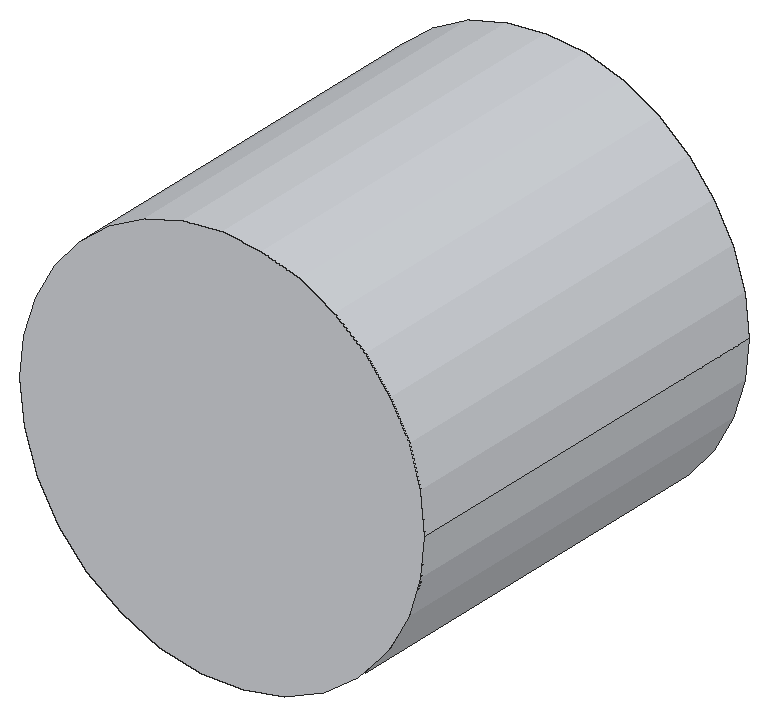
Revit family "IDP_Plumbing Fixtures_OUT301-COLD WATER OUTLET", category Plumbing Fixtures, Revit 2026
Family settings
  Round Connector Dimension = Use Diameter
  Part Type = Normal
  Work Plane-Based = No
  Enable Cutting in Views = Yes
  Always vertical = Yes
  Cut with Voids When Loaded = No
  Maintain Annotation Orientation = No
  Shared = Yes
  Room Calculation Point = Yes
Parameters (values of type "OUT301")
  Uniclass2015_Pr = "Pr_70_55_98_85 : Stand pipe outlets"
  SFG20 = ""
  NRM3 = ""
  NRM1 = ""
  Keynote = ""
  Description = "COLD WATER OUTLET"
  Default Elevation = 0 mm
  ADBUserData1 = "R1"
  ADBGroup = "1"
  ADBDescription = "OUTLET, cold water for equipment"
  ADBCode = "OUT301"
Reference planes
  plane 1 "Center (Front/Back)": y = 0
  plane 2: z = 0
  plane 3 "Center (Left/Right)": x = 0
Forms (mm)
  Extrusion 1, solid
    sketch origin (0, 0, 0) x (1, 0, 0) y (0, 0, 1)
      loop
        circle (0, 0) r 5
    from -10 to 0
